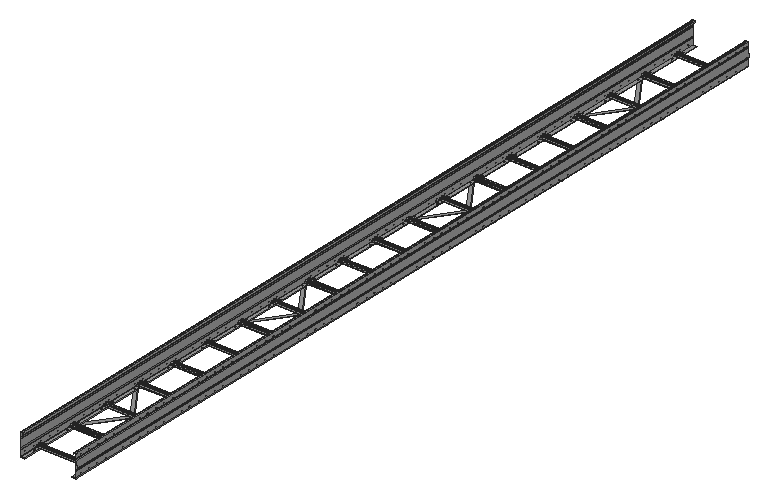
Revit family "WKLG1640", category Generic Models, Revit 2017 (continued)
Forms (mm)
  Extrusion 168, void
    sketch origin (0, 375, 0) x (0, 1, 0) y (0, 0, 1)
      loop
        arc (25, 136.031) -> (25.146, 135.677) -> (25.5, 135.531) r 0.5
        line (25.5, 135.531) -> (49.5, 135.531)
        arc (49.5, 135.531) -> (49.854, 135.677) -> (50, 136.031) r 0.5
        line (50, 136.031) -> (50, 144.031)
        arc (50, 144.031) -> (49.854, 144.385) -> (49.5, 144.531) r 0.5
    from -199.684 to -197.685
  Extrusion 169, void
    sketch origin (0, 450, 0) x (0, 1, 0) y (0, 0, 1)
      loop
        line (49.5, 144.531) -> (25.5, 144.531)
        arc (25.5, 144.531) -> (25.146, 144.385) -> (25, 144.031) r 0.5
        line (25, 144.031) -> (25, 136.031)
        arc (25, 136.031) -> (25.146, 135.677) -> (25.5, 135.531) r 0.5
        line (25.5, 135.531) -> (49.5, 135.531)
        arc (49.5, 135.531) -> (49.854, 135.677) -> (50, 136.031) r 0.5
        line (50, 136.031) -> (50, 144.031)
        arc (50, 144.031) -> (49.854, 144.385) -> (49.5, 144.531) r 0.5
    from -199.684 to -197.685
  Extrusion 170, void
    sketch origin (0, 525, 0) x (0, 1, 0) y (0, 0, 1)
      loop
        line (49.5, 144.531) -> (25.5, 144.531)
        arc (25.5, 144.531) -> (25.146, 144.385) -> (25, 144.031) r 0.5
        line (25, 144.031) -> (25, 136.031)
        arc (25, 136.031) -> (25.146, 135.677) -> (25.5, 135.531) r 0.5
        line (25.5, 135.531) -> (49.5, 135.531)
        arc (49.5, 135.531) -> (49.854, 135.677) -> (50, 136.031) r 0.5
        line (50, 136.031) -> (50, 144.031)
        arc (50, 144.031) -> (49.854, 144.385) -> (49.5, 144.531) r 0.5
    from -199.684 to -197.685
  Extrusion 171, void
    sketch origin (0, 600, 0) x (0, 1, 0) y (0, 0, 1)
      loop
        line (49.5, 144.531) -> (25.5, 144.531)
        arc (25.5, 144.531) -> (25.146, 144.385) -> (25, 144.031) r 0.5
        line (25, 144.031) -> (25, 136.031)
        arc (25, 136.031) -> (25.146, 135.677) -> (25.5, 135.531) r 0.5
        line (25.5, 135.531) -> (49.5, 135.531)
        arc (49.5, 135.531) -> (49.854, 135.677) -> (50, 136.031) r 0.5
        line (50, 136.031) -> (50, 144.031)
        arc (50, 144.031) -> (49.854, 144.385) -> (49.5, 144.531) r 0.5
    from -199.684 to -197.685
  Extrusion 172, void
    sketch origin (0, 675, 0) x (0, 1, 0) y (0, 0, 1)
      loop
        line (49.5, 144.531) -> (25.5, 144.531)
        arc (25.5, 144.531) -> (25.146, 144.385) -> (25, 144.031) r 0.5
        line (25, 144.031) -> (25, 136.031)
        arc (25, 136.031) -> (25.146, 135.677) -> (25.5, 135.531) r 0.5
        line (25.5, 135.531) -> (49.5, 135.531)
        arc (49.5, 135.531) -> (49.854, 135.677) -> (50, 136.031) r 0.5
        line (50, 136.031) -> (50, 144.031)
        arc (50, 144.031) -> (49.854, 144.385) -> (49.5, 144.531) r 0.5
    from -199.684 to -197.685
  Extrusion 173, void
    sketch origin (0, 750, 0) x (0, 1, 0) y (0, 0, 1)
      loop
        line (49.5, 144.531) -> (25.5, 144.531)
        arc (25.5, 144.531) -> (25.146, 144.385) -> (25, 144.031) r 0.5
        line (25, 144.031) -> (25, 136.031)
        arc (25, 136.031) -> (25.146, 135.677) -> (25.5, 135.531) r 0.5
        line (25.5, 135.531) -> (49.5, 135.531)
        arc (49.5, 135.531) -> (49.854, 135.677) -> (50, 136.031) r 0.5
        line (50, 136.031) -> (50, 144.031)
        arc (50, 144.031) -> (49.854, 144.385) -> (49.5, 144.531) r 0.5
    from -199.684 to -197.685
  Extrusion 174, void
    sketch origin (0, 825, 0) x (0, 1, 0) y (0, 0, 1)
      loop
        line (49.5, 144.531) -> (25.5, 144.531)
        arc (25.5, 144.531) -> (25.146, 144.385) -> (25, 144.031) r 0.5
        line (25, 144.031) -> (25, 136.031)
        arc (25, 136.031) -> (25.146, 135.677) -> (25.5, 135.531) r 0.5
        line (25.5, 135.531) -> (49.5, 135.531)
        arc (49.5, 135.531) -> (49.854, 135.677) -> (50, 136.031) r 0.5
        line (50, 136.031) -> (50, 144.031)
        arc (50, 144.031) -> (49.854, 144.385) -> (49.5, 144.531) r 0.5
    from -199.684 to -197.685
  Extrusion 175, void
    sketch origin (0, 900, 0) x (0, 1, 0) y (0, 0, 1)
      loop
        line (49.5, 144.531) -> (25.5, 144.531)
        arc (25.5, 144.531) -> (25.146, 144.385) -> (25, 144.031) r 0.5
        line (25, 144.031) -> (25, 136.031)
        arc (25, 136.031) -> (25.146, 135.677) -> (25.5, 135.531) r 0.5
        line (25.5, 135.531) -> (49.5, 135.531)
        arc (49.5, 135.531) -> (49.854, 135.677) -> (50, 136.031) r 0.5
        line (50, 136.031) -> (50, 144.031)
        arc (50, 144.031) -> (49.854, 144.385) -> (49.5, 144.531) r 0.5
    from -199.684 to -197.685
  Extrusion 176, void
    sketch origin (0, 975, 0) x (0, 1, 0) y (0, 0, 1)
      loop
        line (49.5, 144.531) -> (25.5, 144.531)
        arc (25.5, 144.531) -> (25.146, 144.385) -> (25, 144.031) r 0.5
        line (25, 144.031) -> (25, 136.031)
        arc (25, 136.031) -> (25.146, 135.677) -> (25.5, 135.531) r 0.5
        line (25.5, 135.531) -> (49.5, 135.531)
        arc (49.5, 135.531) -> (49.854, 135.677) -> (50, 136.031) r 0.5
        line (50, 136.031) -> (50, 144.031)
        arc (50, 144.031) -> (49.854, 144.385) -> (49.5, 144.531) r 0.5
    from -199.684 to -197.685
  Extrusion 177, void
    sketch origin (0, 1050, 0) x (0, 1, 0) y (0, 0, 1)
      loop
        line (49.5, 144.531) -> (25.5, 144.531)
        arc (25.5, 144.531) -> (25.146, 144.385) -> (25, 144.031) r 0.5
        line (25, 144.031) -> (25, 136.031)
        arc (25, 136.031) -> (25.146, 135.677) -> (25.5, 135.531) r 0.5
        line (25.5, 135.531) -> (49.5, 135.531)
        arc (49.5, 135.531) -> (49.854, 135.677) -> (50, 136.031) r 0.5
        line (50, 136.031) -> (50, 144.031)
        arc (50, 144.031) -> (49.854, 144.385) -> (49.5, 144.531) r 0.5
    from -199.684 to -197.685
  Extrusion 178, void
    sketch origin (0, 1125, 0) x (0, 1, 0) y (0, 0, 1)
      loop
        line (49.5, 144.531) -> (25.5, 144.531)
        arc (25.5, 144.531) -> (25.146, 144.385) -> (25, 144.031) r 0.5
        line (25, 144.031) -> (25, 136.031)
        arc (25, 136.031) -> (25.146, 135.677) -> (25.5, 135.531) r 0.5
        line (25.5, 135.531) -> (49.5, 135.531)
        arc (49.5, 135.531) -> (49.854, 135.677) -> (50, 136.031) r 0.5
        line (50, 136.031) -> (50, 144.031)
        arc (50, 144.031) -> (49.854, 144.385) -> (49.5, 144.531) r 0.5
    from -199.684 to -197.685
  Extrusion 179, void
    sketch origin (0, 1200, 0) x (0, 1, 0) y (0, 0, 1)
      loop
        line (49.5, 144.531) -> (25.5, 144.531)
        arc (25.5, 144.531) -> (25.146, 144.385) -> (25, 144.031) r 0.5
        line (25, 144.031) -> (25, 136.031)
        arc (25, 136.031) -> (25.146, 135.677) -> (25.5, 135.531) r 0.5
        line (25.5, 135.531) -> (49.5, 135.531)
        arc (49.5, 135.531) -> (49.854, 135.677) -> (50, 136.031) r 0.5
        line (50, 136.031) -> (50, 144.031)
        arc (50, 144.031) -> (49.854, 144.385) -> (49.5, 144.531) r 0.5
    from -199.684 to -197.685
  Extrusion 180, void
    sketch origin (0, 1275, 0) x (0, 1, 0) y (0, 0, 1)
      loop
        line (49.5, 144.531) -> (25.5, 144.531)
        arc (25.5, 144.531) -> (25.146, 144.385) -> (25, 144.031) r 0.5
        line (25, 144.031) -> (25, 136.031)
        arc (25, 136.031) -> (25.146, 135.677) -> (25.5, 135.531) r 0.5
        line (25.5, 135.531) -> (49.5, 135.531)
        arc (49.5, 135.531) -> (49.854, 135.677) -> (50, 136.031) r 0.5
        line (50, 136.031) -> (50, 144.031)
        arc (50, 144.031) -> (49.854, 144.385) -> (49.5, 144.531) r 0.5
    from -199.684 to -197.685
  Extrusion 181, void
    sketch origin (0, 1350, 0) x (0, 1, 0) y (0, 0, 1)
      loop
        line (49.5, 144.531) -> (25.5, 144.531)
        arc (25.5, 144.531) -> (25.146, 144.385) -> (25, 144.031) r 0.5
        line (25, 144.031) -> (25, 136.031)
        arc (25, 136.031) -> (25.146, 135.677) -> (25.5, 135.531) r 0.5
        line (25.5, 135.531) -> (49.5, 135.531)
        arc (49.5, 135.531) -> (49.854, 135.677) -> (50, 136.031) r 0.5
        line (50, 136.031) -> (50, 144.031)
        arc (50, 144.031) -> (49.854, 144.385) -> (49.5, 144.531) r 0.5
    from -199.684 to -197.685
  Extrusion 182, void
    sketch origin (0, 1425, 0) x (0, 1, 0) y (0, 0, 1)
      loop
        line (49.5, 144.531) -> (25.5, 144.531)
        arc (25.5, 144.531) -> (25.146, 144.385) -> (25, 144.031) r 0.5
        line (25, 144.031) -> (25, 136.031)
        arc (25, 136.031) -> (25.146, 135.677) -> (25.5, 135.531) r 0.5
        line (25.5, 135.531) -> (49.5, 135.531)
        arc (49.5, 135.531) -> (49.854, 135.677) -> (50, 136.031) r 0.5
        line (50, 136.031) -> (50, 144.031)
        arc (50, 144.031) -> (49.854, 144.385) -> (49.5, 144.531) r 0.5
    from -199.684 to -197.685
  Extrusion 183, void
    sketch origin (0, 1500, 0) x (0, 1, 0) y (0, 0, 1)
      loop
        line (49.5, 144.531) -> (25.5, 144.531)
        arc (25.5, 144.531) -> (25.146, 144.385) -> (25, 144.031) r 0.5
        line (25, 144.031) -> (25, 136.031)
        arc (25, 136.031) -> (25.146, 135.677) -> (25.5, 135.531) r 0.5
        line (25.5, 135.531) -> (49.5, 135.531)
        arc (49.5, 135.531) -> (49.854, 135.677) -> (50, 136.031) r 0.5
        line (50, 136.031) -> (50, 144.031)
        arc (50, 144.031) -> (49.854, 144.385) -> (49.5, 144.531) r 0.5
    from -199.684 to -197.685
  Extrusion 184, void
    sketch origin (0, 1575, 0) x (0, 1, 0) y (0, 0, 1)
      loop
        line (49.5, 144.531) -> (25.5, 144.531)
        arc (25.5, 144.531) -> (25.146, 144.385) -> (25, 144.031) r 0.5
        line (25, 144.031) -> (25, 136.031)
        arc (25, 136.031) -> (25.146, 135.677) -> (25.5, 135.531) r 0.5
        line (25.5, 135.531) -> (49.5, 135.531)
        arc (49.5, 135.531) -> (49.854, 135.677) -> (50, 136.031) r 0.5
        line (50, 136.031) -> (50, 144.031)
        arc (50, 144.031) -> (49.854, 144.385) -> (49.5, 144.531) r 0.5
    from -199.684 to -197.685
  Extrusion 185, void
    sketch origin (0, 1650, 0) x (0, 1, 0) y (0, 0, 1)
      loop
        line (49.5, 144.531) -> (25.5, 144.531)
        arc (25.5, 144.531) -> (25.146, 144.385) -> (25, 144.031) r 0.5
        line (25, 144.031) -> (25, 136.031)
        arc (25, 136.031) -> (25.146, 135.677) -> (25.5, 135.531) r 0.5
        line (25.5, 135.531) -> (49.5, 135.531)
        arc (49.5, 135.531) -> (49.854, 135.677) -> (50, 136.031) r 0.5
        line (50, 136.031) -> (50, 144.031)
        arc (50, 144.031) -> (49.854, 144.385) -> (49.5, 144.531) r 0.5
    from -199.684 to -197.685
  Extrusion 186, void
    sketch origin (0, 1725, 0) x (0, 1, 0) y (0, 0, 1)
      loop
        line (49.5, 144.531) -> (25.5, 144.531)
        arc (25.5, 144.531) -> (25.146, 144.385) -> (25, 144.031) r 0.5
        line (25, 144.031) -> (25, 136.031)
        arc (25, 136.031) -> (25.146, 135.677) -> (25.5, 135.531) r 0.5
        line (25.5, 135.531) -> (49.5, 135.531)
        arc (49.5, 135.531) -> (49.854, 135.677) -> (50, 136.031) r 0.5
        line (50, 136.031) -> (50, 144.031)
        arc (50, 144.031) -> (49.854, 144.385) -> (49.5, 144.531) r 0.5
    from -199.684 to -197.685
  Extrusion 187, void
    sketch origin (0, 1800, 0) x (0, 1, 0) y (0, 0, 1)
      loop
        line (49.5, 144.531) -> (25.5, 144.531)
        arc (25.5, 144.531) -> (25.146, 144.385) -> (25, 144.031) r 0.5
        line (25, 144.031) -> (25, 136.031)
        arc (25, 136.031) -> (25.146, 135.677) -> (25.5, 135.531) r 0.5
        line (25.5, 135.531) -> (49.5, 135.531)
        arc (49.5, 135.531) -> (49.854, 135.677) -> (50, 136.031) r 0.5
        line (50, 136.031) -> (50, 144.031)
        arc (50, 144.031) -> (49.854, 144.385) -> (49.5, 144.531) r 0.5
    from -199.684 to -197.685
  Extrusion 188, void
    sketch origin (0, 1875, 0) x (0, 1, 0) y (0, 0, 1)
      loop
        line (49.5, 144.531) -> (25.5, 144.531)
        arc (25.5, 144.531) -> (25.146, 144.385) -> (25, 144.031) r 0.5
        line (25, 144.031) -> (25, 136.031)
        arc (25, 136.031) -> (25.146, 135.677) -> (25.5, 135.531) r 0.5
        line (25.5, 135.531) -> (49.5, 135.531)
        arc (49.5, 135.531) -> (49.854, 135.677) -> (50, 136.031) r 0.5
        line (50, 136.031) -> (50, 144.031)
        arc (50, 144.031) -> (49.854, 144.385) -> (49.5, 144.531) r 0.5
    from -199.684 to -197.685
  Extrusion 189, void
    sketch origin (0, 1950, 0) x (0, 1, 0) y (0, 0, 1)
      loop
        line (49.5, 144.531) -> (25.5, 144.531)
        arc (25.5, 144.531) -> (25.146, 144.385) -> (25, 144.031) r 0.5
        line (25, 144.031) -> (25, 136.031)
        arc (25, 136.031) -> (25.146, 135.677) -> (25.5, 135.531) r 0.5
        line (25.5, 135.531) -> (49.5, 135.531)
        arc (49.5, 135.531) -> (49.854, 135.677) -> (50, 136.031) r 0.5
        line (50, 136.031) -> (50, 144.031)
        arc (50, 144.031) -> (49.854, 144.385) -> (49.5, 144.531) r 0.5
    from -199.684 to -197.685
  Extrusion 190, void
    sketch origin (0, 2025, 0) x (0, 1, 0) y (0, 0, 1)
      loop
        line (49.5, 144.531) -> (25.5, 144.531)
        arc (25.5, 144.531) -> (25.146, 144.385) -> (25, 144.031) r 0.5
        line (25, 144.031) -> (25, 136.031)
        arc (25, 136.031) -> (25.146, 135.677) -> (25.5, 135.531) r 0.5
        line (25.5, 135.531) -> (49.5, 135.531)
        arc (49.5, 135.531) -> (49.854, 135.677) -> (50, 136.031) r 0.5
        line (50, 136.031) -> (50, 144.031)
        arc (50, 144.031) -> (49.854, 144.385) -> (49.5, 144.531) r 0.5
    from -199.684 to -197.685
  Extrusion 191, void
    sketch origin (0, 2100, 0) x (0, 1, 0) y (0, 0, 1)
      loop
        line (49.5, 144.531) -> (25.5, 144.531)
        arc (25.5, 144.531) -> (25.146, 144.385) -> (25, 144.031) r 0.5
        line (25, 144.031) -> (25, 136.031)
        arc (25, 136.031) -> (25.146, 135.677) -> (25.5, 135.531) r 0.5
        line (25.5, 135.531) -> (49.5, 135.531)
        arc (49.5, 135.531) -> (49.854, 135.677) -> (50, 136.031) r 0.5
        line (50, 136.031) -> (50, 144.031)
        arc (50, 144.031) -> (49.854, 144.385) -> (49.5, 144.531) r 0.5
    from -199.684 to -197.685
  Extrusion 192, void
    sketch origin (0, 2175, 0) x (0, 1, 0) y (0, 0, 1)
      loop
        line (49.5, 144.531) -> (25.5, 144.531)
        arc (25.5, 144.531) -> (25.146, 144.385) -> (25, 144.031) r 0.5
        line (25, 144.031) -> (25, 136.031)
        arc (25, 136.031) -> (25.146, 135.677) -> (25.5, 135.531) r 0.5
        line (25.5, 135.531) -> (49.5, 135.531)
        arc (49.5, 135.531) -> (49.854, 135.677) -> (50, 136.031) r 0.5
        line (50, 136.031) -> (50, 144.031)
        arc (50, 144.031) -> (49.854, 144.385) -> (49.5, 144.531) r 0.5
    from -199.684 to -197.685
  Extrusion 193, void
    sketch origin (0, 2250, 0) x (0, 1, 0) y (0, 0, 1)
      loop
        line (49.5, 144.531) -> (25.5, 144.531)
        arc (25.5, 144.531) -> (25.146, 144.385) -> (25, 144.031) r 0.5
        line (25, 144.031) -> (25, 136.031)
        arc (25, 136.031) -> (25.146, 135.677) -> (25.5, 135.531) r 0.5
        line (25.5, 135.531) -> (49.5, 135.531)
        arc (49.5, 135.531) -> (49.854, 135.677) -> (50, 136.031) r 0.5
        line (50, 136.031) -> (50, 144.031)
        arc (50, 144.031) -> (49.854, 144.385) -> (49.5, 144.531) r 0.5
    from -199.684 to -197.685
  Extrusion 194, void
    sketch origin (0, 2325, 0) x (0, 1, 0) y (0, 0, 1)
      loop
        line (49.5, 144.531) -> (25.5, 144.531)
        arc (25.5, 144.531) -> (25.146, 144.385) -> (25, 144.031) r 0.5
        line (25, 144.031) -> (25, 136.031)
        arc (25, 136.031) -> (25.146, 135.677) -> (25.5, 135.531) r 0.5
        line (25.5, 135.531) -> (49.5, 135.531)
        arc (49.5, 135.531) -> (49.854, 135.677) -> (50, 136.031) r 0.5
        line (50, 136.031) -> (50, 144.031)
        arc (50, 144.031) -> (49.854, 144.385) -> (49.5, 144.531) r 0.5
    from -199.684 to -197.685
  Extrusion 195, void
    sketch origin (0, 2400, 0) x (0, 1, 0) y (0, 0, 1)
      loop
        line (49.5, 144.531) -> (25.5, 144.531)
        arc (25.5, 144.531) -> (25.146, 144.385) -> (25, 144.031) r 0.5
        line (25, 144.031) -> (25, 136.031)
        arc (25, 136.031) -> (25.146, 135.677) -> (25.5, 135.531) r 0.5
        line (25.5, 135.531) -> (49.5, 135.531)
        arc (49.5, 135.531) -> (49.854, 135.677) -> (50, 136.031) r 0.5
        line (50, 136.031) -> (50, 144.031)
        arc (50, 144.031) -> (49.854, 144.385) -> (49.5, 144.531) r 0.5
    from -199.684 to -197.685
  Extrusion 196, void
    sketch origin (0, 2475, 0) x (0, 1, 0) y (0, 0, 1)
      loop
        line (49.5, 144.531) -> (25.5, 144.531)
        arc (25.5, 144.531) -> (25.146, 144.385) -> (25, 144.031) r 0.5
        line (25, 144.031) -> (25, 136.031)
        arc (25, 136.031) -> (25.146, 135.677) -> (25.5, 135.531) r 0.5
        line (25.5, 135.531) -> (49.5, 135.531)
        arc (49.5, 135.531) -> (49.854, 135.677) -> (50, 136.031) r 0.5
        line (50, 136.031) -> (50, 144.031)
        arc (50, 144.031) -> (49.854, 144.385) -> (49.5, 144.531) r 0.5
    from -199.684 to -197.685
  Extrusion 197, void
    sketch origin (0, 2550, 0) x (0, 1, 0) y (0, 0, 1)
      loop
        line (49.5, 144.531) -> (25.5, 144.531)
        arc (25.5, 144.531) -> (25.146, 144.385) -> (25, 144.031) r 0.5
        line (25, 144.031) -> (25, 136.031)
        arc (25, 136.031) -> (25.146, 135.677) -> (25.5, 135.531) r 0.5
        line (25.5, 135.531) -> (49.5, 135.531)
        arc (49.5, 135.531) -> (49.854, 135.677) -> (50, 136.031) r 0.5
        line (50, 136.031) -> (50, 144.031)
        arc (50, 144.031) -> (49.854, 144.385) -> (49.5, 144.531) r 0.5
    from -199.684 to -197.685
  Extrusion 198, void
    sketch origin (0, 2625, 0) x (0, 1, 0) y (0, 0, 1)
      loop
        line (49.5, 144.531) -> (25.5, 144.531)
        arc (25.5, 144.531) -> (25.146, 144.385) -> (25, 144.031) r 0.5
        line (25, 144.031) -> (25, 136.031)
        arc (25, 136.031) -> (25.146, 135.677) -> (25.5, 135.531) r 0.5
        line (25.5, 135.531) -> (49.5, 135.531)
        arc (49.5, 135.531) -> (49.854, 135.677) -> (50, 136.031) r 0.5
        line (50, 136.031) -> (50, 144.031)
        arc (50, 144.031) -> (49.854, 144.385) -> (49.5, 144.531) r 0.5
    from -199.684 to -197.685
  Extrusion 199, void
    sketch origin (0, 2700, 0) x (0, 1, 0) y (0, 0, 1)
      loop
        line (49.5, 144.531) -> (25.5, 144.531)
        arc (25.5, 144.531) -> (25.146, 144.385) -> (25, 144.031) r 0.5
        line (25, 144.031) -> (25, 136.031)
        arc (25, 136.031) -> (25.146, 135.677) -> (25.5, 135.531) r 0.5
        line (25.5, 135.531) -> (49.5, 135.531)
        arc (49.5, 135.531) -> (49.854, 135.677) -> (50, 136.031) r 0.5
        line (50, 136.031) -> (50, 144.031)
        arc (50, 144.031) -> (49.854, 144.385) -> (49.5, 144.531) r 0.5
    from -199.684 to -197.685
  Extrusion 200, void
    sketch origin (0, 2775, 0) x (0, 1, 0) y (0, 0, 1)
      loop
        line (49.5, 144.531) -> (25.5, 144.531)
        arc (25.5, 144.531) -> (25.146, 144.385) -> (25, 144.031) r 0.5
        line (25, 144.031) -> (25, 136.031)
        arc (25, 136.031) -> (25.146, 135.677) -> (25.5, 135.531) r 0.5
        line (25.5, 135.531) -> (49.5, 135.531)
        arc (49.5, 135.531) -> (49.854, 135.677) -> (50, 136.031) r 0.5
        line (50, 136.031) -> (50, 144.031)
        arc (50, 144.031) -> (49.854, 144.385) -> (49.5, 144.531) r 0.5
    from -199.684 to -197.685
  Extrusion 201, void
    sketch origin (0, 2850, 0) x (0, 1, 0) y (0, 0, 1)
      loop
        line (49.5, 144.531) -> (25.5, 144.531)
        arc (25.5, 144.531) -> (25.146, 144.385) -> (25, 144.031) r 0.5
        line (25, 144.031) -> (25, 136.031)
        arc (25, 136.031) -> (25.146, 135.677) -> (25.5, 135.531) r 0.5
        line (25.5, 135.531) -> (49.5, 135.531)
        arc (49.5, 135.531) -> (49.854, 135.677) -> (50, 136.031) r 0.5
        line (50, 136.031) -> (50, 144.031)
        arc (50, 144.031) -> (49.854, 144.385) -> (49.5, 144.531) r 0.5
    from -199.684 to -197.685
  Extrusion 202, void
    sketch origin (0, 2925, 0) x (0, 1, 0) y (0, 0, 1)
      loop
        line (49.5, 144.531) -> (25.5, 144.531)
        arc (25.5, 144.531) -> (25.146, 144.385) -> (25, 144.031) r 0.5
        line (25, 144.031) -> (25, 136.031)
        arc (25, 136.031) -> (25.146, 135.677) -> (25.5, 135.531) r 0.5
        line (25.5, 135.531) -> (49.5, 135.531)
        arc (49.5, 135.531) -> (49.854, 135.677) -> (50, 136.031) r 0.5
        line (50, 136.031) -> (50, 144.031)
        arc (50, 144.031) -> (49.854, 144.385) -> (49.5, 144.531) r 0.5
    from -199.684 to -197.685
  Extrusion 203, void
    sketch origin (0, 3000, 0) x (0, 1, 0) y (0, 0, 1)
      loop
        line (49.5, 144.531) -> (25.5, 144.531)
        arc (25.5, 144.531) -> (25.146, 144.385) -> (25, 144.031) r 0.5
        line (25, 144.031) -> (25, 136.031)
        arc (25, 136.031) -> (25.146, 135.677) -> (25.5, 135.531) r 0.5
        line (25.5, 135.531) -> (49.5, 135.531)
        arc (49.5, 135.531) -> (49.854, 135.677) -> (50, 136.031) r 0.5
        line (50, 136.031) -> (50, 144.031)
        arc (50, 144.031) -> (49.854, 144.385) -> (49.5, 144.531) r 0.5
    from -199.684 to -197.685
  Extrusion 204, void
    sketch origin (0, 3075, 0) x (0, 1, 0) y (0, 0, 1)
      loop
        line (49.5, 144.531) -> (25.5, 144.531)
        arc (25.5, 144.531) -> (25.146, 144.385) -> (25, 144.031) r 0.5
        line (25, 144.031) -> (25, 136.031)
        arc (25, 136.031) -> (25.146, 135.677) -> (25.5, 135.531) r 0.5
        line (25.5, 135.531) -> (49.5, 135.531)
        arc (49.5, 135.531) -> (49.854, 135.677) -> (50, 136.031) r 0.5
        line (50, 136.031) -> (50, 144.031)
        arc (50, 144.031) -> (49.854, 144.385) -> (49.5, 144.531) r 0.5
    from -199.684 to -197.685
  Extrusion 205, void
    sketch origin (0, 3150, 0) x (0, 1, 0) y (0, 0, 1)
      loop
        line (49.5, 144.531) -> (25.5, 144.531)
        arc (25.5, 144.531) -> (25.146, 144.385) -> (25, 144.031) r 0.5
        line (25, 144.031) -> (25, 136.031)
        arc (25, 136.031) -> (25.146, 135.677) -> (25.5, 135.531) r 0.5
        line (25.5, 135.531) -> (49.5, 135.531)
        arc (49.5, 135.531) -> (49.854, 135.677) -> (50, 136.031) r 0.5
        line (50, 136.031) -> (50, 144.031)
        arc (50, 144.031) -> (49.854, 144.385) -> (49.5, 144.531) r 0.5
    from -199.684 to -197.685
  Extrusion 206, void
    sketch origin (0, 3225, 0) x (0, 1, 0) y (0, 0, 1)
      loop
        line (49.5, 144.531) -> (25.5, 144.531)
        arc (25.5, 144.531) -> (25.146, 144.385) -> (25, 144.031) r 0.5
        line (25, 144.031) -> (25, 136.031)
        arc (25, 136.031) -> (25.146, 135.677) -> (25.5, 135.531) r 0.5
        line (25.5, 135.531) -> (49.5, 135.531)
        arc (49.5, 135.531) -> (49.854, 135.677) -> (50, 136.031) r 0.5
        line (50, 136.031) -> (50, 144.031)
        arc (50, 144.031) -> (49.854, 144.385) -> (49.5, 144.531) r 0.5
    from -199.684 to -197.685
  Extrusion 207, void
    sketch origin (0, 3300, 0) x (0, 1, 0) y (0, 0, 1)
      loop
        line (49.5, 144.531) -> (25.5, 144.531)
        arc (25.5, 144.531) -> (25.146, 144.385) -> (25, 144.031) r 0.5
        line (25, 144.031) -> (25, 136.031)
        arc (25, 136.031) -> (25.146, 135.677) -> (25.5, 135.531) r 0.5
        line (25.5, 135.531) -> (49.5, 135.531)
        arc (49.5, 135.531) -> (49.854, 135.677) -> (50, 136.031) r 0.5
        line (50, 136.031) -> (50, 144.031)
        arc (50, 144.031) -> (49.854, 144.385) -> (49.5, 144.531) r 0.5
    from -199.684 to -197.685
  Extrusion 208, void
    sketch origin (0, 3375, 0) x (0, 1, 0) y (0, 0, 1)
      loop
        line (49.5, 144.531) -> (25.5, 144.531)
        arc (25.5, 144.531) -> (25.146, 144.385) -> (25, 144.031) r 0.5
        line (25, 144.031) -> (25, 136.031)
        arc (25, 136.031) -> (25.146, 135.677) -> (25.5, 135.531) r 0.5
        line (25.5, 135.531) -> (49.5, 135.531)
        arc (49.5, 135.531) -> (49.854, 135.677) -> (50, 136.031) r 0.5
        line (50, 136.031) -> (50, 144.031)
        arc (50, 144.031) -> (49.854, 144.385) -> (49.5, 144.531) r 0.5
    from -199.684 to -197.685
  Extrusion 209, void
    sketch origin (0, 3450, 0) x (0, 1, 0) y (0, 0, 1)
      loop
        line (49.5, 144.531) -> (25.5, 144.531)
        arc (25.5, 144.531) -> (25.146, 144.385) -> (25, 144.031) r 0.5
        line (25, 144.031) -> (25, 136.031)
        arc (25, 136.031) -> (25.146, 135.677) -> (25.5, 135.531) r 0.5
        line (25.5, 135.531) -> (49.5, 135.531)
        arc (49.5, 135.531) -> (49.854, 135.677) -> (50, 136.031) r 0.5
        line (50, 136.031) -> (50, 144.031)
        arc (50, 144.031) -> (49.854, 144.385) -> (49.5, 144.531) r 0.5
    from -199.684 to -197.685
  Extrusion 210, void
    sketch origin (0, 3525, 0) x (0, 1, 0) y (0, 0, 1)
      loop
        line (49.5, 144.531) -> (25.5, 144.531)
        arc (25.5, 144.531) -> (25.146, 144.385) -> (25, 144.031) r 0.5
        line (25, 144.031) -> (25, 136.031)
        arc (25, 136.031) -> (25.146, 135.677) -> (25.5, 135.531) r 0.5
        line (25.5, 135.531) -> (49.5, 135.531)
        arc (49.5, 135.531) -> (49.854, 135.677) -> (50, 136.031) r 0.5
        line (50, 136.031) -> (50, 144.031)
        arc (50, 144.031) -> (49.854, 144.385) -> (49.5, 144.531) r 0.5
    from -199.684 to -197.685
  Extrusion 211, void
    sketch origin (0, 3600, 0) x (0, 1, 0) y (0, 0, 1)
      loop
        line (49.5, 144.531) -> (25.5, 144.531)
        arc (25.5, 144.531) -> (25.146, 144.385) -> (25, 144.031) r 0.5
        line (25, 144.031) -> (25, 136.031)
        arc (25, 136.031) -> (25.146, 135.677) -> (25.5, 135.531) r 0.5
        line (25.5, 135.531) -> (49.5, 135.531)
        arc (49.5, 135.531) -> (49.854, 135.677) -> (50, 136.031) r 0.5
        line (50, 136.031) -> (50, 144.031)
        arc (50, 144.031) -> (49.854, 144.385) -> (49.5, 144.531) r 0.5
    from -199.684 to -197.685
  Extrusion 212, void
    sketch origin (0, 3675, 0) x (0, 1, 0) y (0, 0, 1)
      loop
        line (49.5, 144.531) -> (25.5, 144.531)
        arc (25.5, 144.531) -> (25.146, 144.385) -> (25, 144.031) r 0.5
        line (25, 144.031) -> (25, 136.031)
        arc (25, 136.031) -> (25.146, 135.677) -> (25.5, 135.531) r 0.5
        line (25.5, 135.531) -> (49.5, 135.531)
        arc (49.5, 135.531) -> (49.854, 135.677) -> (50, 136.031) r 0.5
        line (50, 136.031) -> (50, 144.031)
        arc (50, 144.031) -> (49.854, 144.385) -> (49.5, 144.531) r 0.5
    from -199.684 to -197.685
  Extrusion 213, void
    sketch origin (0, 3750, 0) x (0, 1, 0) y (0, 0, 1)
      loop
        line (49.5, 144.531) -> (25.5, 144.531)
        arc (25.5, 144.531) -> (25.146, 144.385) -> (25, 144.031) r 0.5
        line (25, 144.031) -> (25, 136.031)
        arc (25, 136.031) -> (25.146, 135.677) -> (25.5, 135.531) r 0.5
        line (25.5, 135.531) -> (49.5, 135.531)
        arc (49.5, 135.531) -> (49.854, 135.677) -> (50, 136.031) r 0.5
        line (50, 136.031) -> (50, 144.031)
        arc (50, 144.031) -> (49.854, 144.385) -> (49.5, 144.531) r 0.5
    from -199.684 to -197.685
  Extrusion 214, void
    sketch origin (0, 3825, 0) x (0, 1, 0) y (0, 0, 1)
      loop
        line (49.5, 144.531) -> (25.5, 144.531)
        arc (25.5, 144.531) -> (25.146, 144.385) -> (25, 144.031) r 0.5
        line (25, 144.031) -> (25, 136.031)
        arc (25, 136.031) -> (25.146, 135.677) -> (25.5, 135.531) r 0.5
        line (25.5, 135.531) -> (49.5, 135.531)
        arc (49.5, 135.531) -> (49.854, 135.677) -> (50, 136.031) r 0.5
        line (50, 136.031) -> (50, 144.031)
        arc (50, 144.031) -> (49.854, 144.385) -> (49.5, 144.531) r 0.5
    from -199.684 to -197.685
  Extrusion 215, void
    sketch origin (0, 3900, 0) x (0, 1, 0) y (0, 0, 1)
      loop
        line (49.5, 144.531) -> (25.5, 144.531)
        arc (25.5, 144.531) -> (25.146, 144.385) -> (25, 144.031) r 0.5
        line (25, 144.031) -> (25, 136.031)
        arc (25, 136.031) -> (25.146, 135.677) -> (25.5, 135.531) r 0.5
        line (25.5, 135.531) -> (49.5, 135.531)
        arc (49.5, 135.531) -> (49.854, 135.677) -> (50, 136.031) r 0.5
        line (50, 136.031) -> (50, 144.031)
        arc (50, 144.031) -> (49.854, 144.385) -> (49.5, 144.531) r 0.5
    from -199.684 to -197.685
  Extrusion 216, void
    sketch origin (0, 3975, 0) x (0, 1, 0) y (0, 0, 1)
      loop
        line (49.5, 144.531) -> (25.5, 144.531)
        arc (25.5, 144.531) -> (25.146, 144.385) -> (25, 144.031) r 0.5
        line (25, 144.031) -> (25, 136.031)
        arc (25, 136.031) -> (25.146, 135.677) -> (25.5, 135.531) r 0.5
        line (25.5, 135.531) -> (49.5, 135.531)
        arc (49.5, 135.531) -> (49.854, 135.677) -> (50, 136.031) r 0.5
        line (50, 136.031) -> (50, 144.031)
        arc (50, 144.031) -> (49.854, 144.385) -> (49.5, 144.531) r 0.5
    from -199.684 to -197.685
  Extrusion 217, void
    sketch origin (0, 4050, 0) x (0, 1, 0) y (0, 0, 1)
      loop
        line (49.5, 144.531) -> (25.5, 144.531)
        arc (25.5, 144.531) -> (25.146, 144.385) -> (25, 144.031) r 0.5
        line (25, 144.031) -> (25, 136.031)
        arc (25, 136.031) -> (25.146, 135.677) -> (25.5, 135.531) r 0.5
        line (25.5, 135.531) -> (49.5, 135.531)
        arc (49.5, 135.531) -> (49.854, 135.677) -> (50, 136.031) r 0.5
        line (50, 136.031) -> (50, 144.031)
        arc (50, 144.031) -> (49.854, 144.385) -> (49.5, 144.531) r 0.5
    from -199.684 to -197.685
  Extrusion 218, void
    sketch origin (0, 4125, 0) x (0, 1, 0) y (0, 0, 1)
      loop
        line (49.5, 144.531) -> (25.5, 144.531)
        arc (25.5, 144.531) -> (25.146, 144.385) -> (25, 144.031) r 0.5
        line (25, 144.031) -> (25, 136.031)
        arc (25, 136.031) -> (25.146, 135.677) -> (25.5, 135.531) r 0.5
        line (25.5, 135.531) -> (49.5, 135.531)
        arc (49.5, 135.531) -> (49.854, 135.677) -> (50, 136.031) r 0.5
        line (50, 136.031) -> (50, 144.031)
        arc (50, 144.031) -> (49.854, 144.385) -> (49.5, 144.531) r 0.5
    from -199.684 to -197.685
  Extrusion 219, void
    sketch origin (0, 4200, 0) x (0, 1, 0) y (0, 0, 1)
      loop
        line (49.5, 144.531) -> (25.5, 144.531)
        arc (25.5, 144.531) -> (25.146, 144.385) -> (25, 144.031) r 0.5
        line (25, 144.031) -> (25, 136.031)
        arc (25, 136.031) -> (25.146, 135.677) -> (25.5, 135.531) r 0.5
        line (25.5, 135.531) -> (49.5, 135.531)
        arc (49.5, 135.531) -> (49.854, 135.677) -> (50, 136.031) r 0.5
        line (50, 136.031) -> (50, 144.031)
        arc (50, 144.031) -> (49.854, 144.385) -> (49.5, 144.531) r 0.5
    from -199.684 to -197.685
  Extrusion 220, void
    sketch origin (0, 4275, 0) x (0, 1, 0) y (0, 0, 1)
      loop
        line (49.5, 144.531) -> (25.5, 144.531)
        arc (25.5, 144.531) -> (25.146, 144.385) -> (25, 144.031) r 0.5
        line (25, 144.031) -> (25, 136.031)
        arc (25, 136.031) -> (25.146, 135.677) -> (25.5, 135.531) r 0.5
        line (25.5, 135.531) -> (49.5, 135.531)
        arc (49.5, 135.531) -> (49.854, 135.677) -> (50, 136.031) r 0.5
        line (50, 136.031) -> (50, 144.031)
        arc (50, 144.031) -> (49.854, 144.385) -> (49.5, 144.531) r 0.5
    from -199.684 to -197.685
  Extrusion 221, void
    sketch origin (0, 4350, 0) x (0, 1, 0) y (0, 0, 1)
      loop
        line (49.5, 144.531) -> (25.5, 144.531)
        arc (25.5, 144.531) -> (25.146, 144.385) -> (25, 144.031) r 0.5
        line (25, 144.031) -> (25, 136.031)
        arc (25, 136.031) -> (25.146, 135.677) -> (25.5, 135.531) r 0.5
        line (25.5, 135.531) -> (49.5, 135.531)
        arc (49.5, 135.531) -> (49.854, 135.677) -> (50, 136.031) r 0.5
        line (50, 136.031) -> (50, 144.031)
        arc (50, 144.031) -> (49.854, 144.385) -> (49.5, 144.531) r 0.5
    from -199.684 to -197.685
  Extrusion 222, void
    sketch origin (0, 4425, 0) x (0, 1, 0) y (0, 0, 1)
      loop
        line (49.5, 144.531) -> (25.5, 144.531)
        arc (25.5, 144.531) -> (25.146, 144.385) -> (25, 144.031) r 0.5
        line (25, 144.031) -> (25, 136.031)
        arc (25, 136.031) -> (25.146, 135.677) -> (25.5, 135.531) r 0.5
        line (25.5, 135.531) -> (49.5, 135.531)
        arc (49.5, 135.531) -> (49.854, 135.677) -> (50, 136.031) r 0.5
        line (50, 136.031) -> (50, 144.031)
        arc (50, 144.031) -> (49.854, 144.385) -> (49.5, 144.531) r 0.5
    from -199.684 to -197.685
  Extrusion 223, void
    sketch origin (0, 4500, 0) x (0, 1, 0) y (0, 0, 1)
      loop
        line (49.5, 144.531) -> (25.5, 144.531)
        arc (25.5, 144.531) -> (25.146, 144.385) -> (25, 144.031) r 0.5
        line (25, 144.031) -> (25, 136.031)
        arc (25, 136.031) -> (25.146, 135.677) -> (25.5, 135.531) r 0.5
        line (25.5, 135.531) -> (49.5, 135.531)
        arc (49.5, 135.531) -> (49.854, 135.677) -> (50, 136.031) r 0.5
        line (50, 136.031) -> (50, 144.031)
        arc (50, 144.031) -> (49.854, 144.385) -> (49.5, 144.531) r 0.5
    from -199.684 to -197.685
  Extrusion 224, void
    sketch origin (0, 4575, 0) x (0, 1, 0) y (0, 0, 1)
      loop
        line (49.5, 144.531) -> (25.5, 144.531)
        arc (25.5, 144.531) -> (25.146, 144.385) -> (25, 144.031) r 0.5
        line (25, 144.031) -> (25, 136.031)
        arc (25, 136.031) -> (25.146, 135.677) -> (25.5, 135.531) r 0.5
        line (25.5, 135.531) -> (49.5, 135.531)
        arc (49.5, 135.531) -> (49.854, 135.677) -> (50, 136.031) r 0.5
        line (50, 136.031) -> (50, 144.031)
        arc (50, 144.031) -> (49.854, 144.385) -> (49.5, 144.531) r 0.5
    from -199.684 to -197.685
  Extrusion 225, void
    sketch origin (0, 4650, 0) x (0, 1, 0) y (0, 0, 1)
      loop
        line (49.5, 144.531) -> (25.5, 144.531)
        arc (25.5, 144.531) -> (25.146, 144.385) -> (25, 144.031) r 0.5
        line (25, 144.031) -> (25, 136.031)
        arc (25, 136.031) -> (25.146, 135.677) -> (25.5, 135.531) r 0.5
        line (25.5, 135.531) -> (49.5, 135.531)
        arc (49.5, 135.531) -> (49.854, 135.677) -> (50, 136.031) r 0.5
        line (50, 136.031) -> (50, 144.031)
        arc (50, 144.031) -> (49.854, 144.385) -> (49.5, 144.531) r 0.5
    from -199.684 to -197.685
  Extrusion 226, void
    sketch origin (0, 4725, 0) x (0, 1, 0) y (0, 0, 1)
      loop
        line (49.5, 144.531) -> (25.5, 144.531)
        arc (25.5, 144.531) -> (25.146, 144.385) -> (25, 144.031) r 0.5
        line (25, 144.031) -> (25, 136.031)
        arc (25, 136.031) -> (25.146, 135.677) -> (25.5, 135.531) r 0.5
        line (25.5, 135.531) -> (49.5, 135.531)
        arc (49.5, 135.531) -> (49.854, 135.677) -> (50, 136.031) r 0.5
        line (50, 136.031) -> (50, 144.031)
        arc (50, 144.031) -> (49.854, 144.385) -> (49.5, 144.531) r 0.5
    from -199.684 to -197.685
  Extrusion 227, void
    sketch origin (0, 4800, 0) x (0, 1, 0) y (0, 0, 1)
      loop
        line (49.5, 144.531) -> (25.5, 144.531)
        arc (25.5, 144.531) -> (25.146, 144.385) -> (25, 144.031) r 0.5
        line (25, 144.031) -> (25, 136.031)
        arc (25, 136.031) -> (25.146, 135.677) -> (25.5, 135.531) r 0.5
        line (25.5, 135.531) -> (49.5, 135.531)
        arc (49.5, 135.531) -> (49.854, 135.677) -> (50, 136.031) r 0.5
        line (50, 136.031) -> (50, 144.031)
        arc (50, 144.031) -> (49.854, 144.385) -> (49.5, 144.531) r 0.5
    from -199.684 to -197.685
  Extrusion 228, void
    sketch origin (0, 4875, 0) x (0, 1, 0) y (0, 0, 1)
      loop
        line (49.5, 144.531) -> (25.5, 144.531)
        arc (25.5, 144.531) -> (25.146, 144.385) -> (25, 144.031) r 0.5
        line (25, 144.031) -> (25, 136.031)
        arc (25, 136.031) -> (25.146, 135.677) -> (25.5, 135.531) r 0.5
        line (25.5, 135.531) -> (49.5, 135.531)
        arc (49.5, 135.531) -> (49.854, 135.677) -> (50, 136.031) r 0.5
        line (50, 136.031) -> (50, 144.031)
        arc (50, 144.031) -> (49.854, 144.385) -> (49.5, 144.531) r 0.5
    from -199.684 to -197.685
  Extrusion 229, void
    sketch origin (0, 4950, 0) x (0, 1, 0) y (0, 0, 1)
      loop
        line (49.5, 144.531) -> (25.5, 144.531)
        arc (25.5, 144.531) -> (25.146, 144.385) -> (25, 144.031) r 0.5
        line (25, 144.031) -> (25, 136.031)
        arc (25, 136.031) -> (25.146, 135.677) -> (25.5, 135.531) r 0.5
        line (25.5, 135.531) -> (49.5, 135.531)
        arc (49.5, 135.531) -> (49.854, 135.677) -> (50, 136.031) r 0.5
        line (50, 136.031) -> (50, 144.031)
        arc (50, 144.031) -> (49.854, 144.385) -> (49.5, 144.531) r 0.5
    from -199.684 to -197.685
  Extrusion 230, void
    sketch origin (0, 5025, 0) x (0, 1, 0) y (0, 0, 1)
      loop
        line (49.5, 144.531) -> (25.5, 144.531)
        arc (25.5, 144.531) -> (25.146, 144.385) -> (25, 144.031) r 0.5
        line (25, 144.031) -> (25, 136.031)
        arc (25, 136.031) -> (25.146, 135.677) -> (25.5, 135.531) r 0.5
        line (25.5, 135.531) -> (49.5, 135.531)
        arc (49.5, 135.531) -> (49.854, 135.677) -> (50, 136.031) r 0.5
        line (50, 136.031) -> (50, 144.031)
        arc (50, 144.031) -> (49.854, 144.385) -> (49.5, 144.531) r 0.5
    from -199.684 to -197.685
  Extrusion 231, void
    sketch origin (0, 5100, 0) x (0, 1, 0) y (0, 0, 1)
      loop
        line (49.5, 144.531) -> (25.5, 144.531)
        arc (25.5, 144.531) -> (25.146, 144.385) -> (25, 144.031) r 0.5
        line (25, 144.031) -> (25, 136.031)
        arc (25, 136.031) -> (25.146, 135.677) -> (25.5, 135.531) r 0.5
        line (25.5, 135.531) -> (49.5, 135.531)
        arc (49.5, 135.531) -> (49.854, 135.677) -> (50, 136.031) r 0.5
        line (50, 136.031) -> (50, 144.031)
        arc (50, 144.031) -> (49.854, 144.385) -> (49.5, 144.531) r 0.5
    from -199.684 to -197.685
  Extrusion 232, void
    sketch origin (0, 5175, 0) x (0, 1, 0) y (0, 0, 1)
      loop
        line (49.5, 144.531) -> (25.5, 144.531)
        arc (25.5, 144.531) -> (25.146, 144.385) -> (25, 144.031) r 0.5
        line (25, 144.031) -> (25, 136.031)
        arc (25, 136.031) -> (25.146, 135.677) -> (25.5, 135.531) r 0.5
        line (25.5, 135.531) -> (49.5, 135.531)
        arc (49.5, 135.531) -> (49.854, 135.677) -> (50, 136.031) r 0.5
        line (50, 136.031) -> (50, 144.031)
        arc (50, 144.031) -> (49.854, 144.385) -> (49.5, 144.531) r 0.5
    from -199.684 to -197.685
  Extrusion 233, void
    sketch origin (0, 5250, 0) x (0, 1, 0) y (0, 0, 1)
      loop
        line (49.5, 144.531) -> (25.5, 144.531)
        arc (25.5, 144.531) -> (25.146, 144.385) -> (25, 144.031) r 0.5
        line (25, 144.031) -> (25, 136.031)
        arc (25, 136.031) -> (25.146, 135.677) -> (25.5, 135.531) r 0.5
        line (25.5, 135.531) -> (49.5, 135.531)
        arc (49.5, 135.531) -> (49.854, 135.677) -> (50, 136.031) r 0.5
        line (50, 136.031) -> (50, 144.031)
        arc (50, 144.031) -> (49.854, 144.385) -> (49.5, 144.531) r 0.5
    from -199.684 to -197.685
  Extrusion 234, void
    sketch origin (0, 5325, 0) x (0, 1, 0) y (0, 0, 1)
      loop
        line (49.5, 144.531) -> (25.5, 144.531)
        arc (25.5, 144.531) -> (25.146, 144.385) -> (25, 144.031) r 0.5
        line (25, 144.031) -> (25, 136.031)
        arc (25, 136.031) -> (25.146, 135.677) -> (25.5, 135.531) r 0.5
        line (25.5, 135.531) -> (49.5, 135.531)
        arc (49.5, 135.531) -> (49.854, 135.677) -> (50, 136.031) r 0.5
        line (50, 136.031) -> (50, 144.031)
        arc (50, 144.031) -> (49.854, 144.385) -> (49.5, 144.531) r 0.5
    from -199.684 to -197.685
  Extrusion 235, void
    sketch origin (0, 5400, 0) x (0, 1, 0) y (0, 0, 1)
      loop
        line (49.5, 144.531) -> (25.5, 144.531)
        arc (25.5, 144.531) -> (25.146, 144.385) -> (25, 144.031) r 0.5
        line (25, 144.031) -> (25, 136.031)
        arc (25, 136.031) -> (25.146, 135.677) -> (25.5, 135.531) r 0.5
        line (25.5, 135.531) -> (49.5, 135.531)
        arc (49.5, 135.531) -> (49.854, 135.677) -> (50, 136.031) r 0.5
        line (50, 136.031) -> (50, 144.031)
        arc (50, 144.031) -> (49.854, 144.385) -> (49.5, 144.531) r 0.5
    from -199.684 to -197.685
  Extrusion 236, void
    sketch origin (0, 5475, 0) x (0, 1, 0) y (0, 0, 1)
      loop
        line (49.5, 144.531) -> (25.5, 144.531)
        arc (25.5, 144.531) -> (25.146, 144.385) -> (25, 144.031) r 0.5
        line (25, 144.031) -> (25, 136.031)
        arc (25, 136.031) -> (25.146, 135.677) -> (25.5, 135.531) r 0.5
        line (25.5, 135.531) -> (49.5, 135.531)
        arc (49.5, 135.531) -> (49.854, 135.677) -> (50, 136.031) r 0.5
        line (50, 136.031) -> (50, 144.031)
        arc (50, 144.031) -> (49.854, 144.385) -> (49.5, 144.531) r 0.5
    from -199.684 to -197.685
  Extrusion 237, void
    sketch origin (0, 5550, 0) x (0, 1, 0) y (0, 0, 1)
      loop
        line (49.5, 144.531) -> (25.5, 144.531)
        arc (25.5, 144.531) -> (25.146, 144.385) -> (25, 144.031) r 0.5
        line (25, 144.031) -> (25, 136.031)
        arc (25, 136.031) -> (25.146, 135.677) -> (25.5, 135.531) r 0.5
        line (25.5, 135.531) -> (49.5, 135.531)
        arc (49.5, 135.531) -> (49.854, 135.677) -> (50, 136.031) r 0.5
        line (50, 136.031) -> (50, 144.031)
        arc (50, 144.031) -> (49.854, 144.385) -> (49.5, 144.531) r 0.5
    from -199.684 to -197.685
  Extrusion 238, void
    sketch origin (0, 5625, 0) x (0, 1, 0) y (0, 0, 1)
      loop
        line (49.5, 144.531) -> (25.5, 144.531)
        arc (25.5, 144.531) -> (25.146, 144.385) -> (25, 144.031) r 0.5
        line (25, 144.031) -> (25, 136.031)
        arc (25, 136.031) -> (25.146, 135.677) -> (25.5, 135.531) r 0.5
        line (25.5, 135.531) -> (49.5, 135.531)
        arc (49.5, 135.531) -> (49.854, 135.677) -> (50, 136.031) r 0.5
        line (50, 136.031) -> (50, 144.031)
        arc (50, 144.031) -> (49.854, 144.385) -> (49.5, 144.531) r 0.5
    from -199.684 to -197.685
  Extrusion 239, void
    sketch origin (0, 5700, 0) x (0, 1, 0) y (0, 0, 1)
      loop
        line (49.5, 144.531) -> (25.5, 144.531)
        arc (25.5, 144.531) -> (25.146, 144.385) -> (25, 144.031) r 0.5
        line (25, 144.031) -> (25, 136.031)
        arc (25, 136.031) -> (25.146, 135.677) -> (25.5, 135.531) r 0.5
        line (25.5, 135.531) -> (49.5, 135.531)
        arc (49.5, 135.531) -> (49.854, 135.677) -> (50, 136.031) r 0.5
        line (50, 136.031) -> (50, 144.031)
        arc (50, 144.031) -> (49.854, 144.385) -> (49.5, 144.531) r 0.5
    from -199.684 to -197.685
  Extrusion 240, void
    sketch origin (0, 5775, 0) x (0, 1, 0) y (0, 0, 1)
      loop
        line (49.5, 144.531) -> (25.5, 144.531)
        arc (25.5, 144.531) -> (25.146, 144.385) -> (25, 144.031) r 0.5
        line (25, 144.031) -> (25, 136.031)
        arc (25, 136.031) -> (25.146, 135.677) -> (25.5, 135.531) r 0.5
        line (25.5, 135.531) -> (49.5, 135.531)
        arc (49.5, 135.531) -> (49.854, 135.677) -> (50, 136.031) r 0.5
        line (50, 136.031) -> (50, 144.031)
        arc (50, 144.031) -> (49.854, 144.385) -> (49.5, 144.531) r 0.5
    from -199.684 to -197.685
  Extrusion 241, void
    sketch origin (0, 5850, 0) x (0, 1, 0) y (0, 0, 1)
      loop
        line (49.5, 144.531) -> (25.5, 144.531)
        arc (25.5, 144.531) -> (25.146, 144.385) -> (25, 144.031) r 0.5
        line (25, 144.031) -> (25, 136.031)
        arc (25, 136.031) -> (25.146, 135.677) -> (25.5, 135.531) r 0.5
        line (25.5, 135.531) -> (49.5, 135.531)
        arc (49.5, 135.531) -> (49.854, 135.677) -> (50, 136.031) r 0.5
        line (50, 136.031) -> (50, 144.031)
        arc (50, 144.031) -> (49.854, 144.385) -> (49.5, 144.531) r 0.5
    from -199.684 to -197.685
  Extrusion 242, void
    sketch origin (0, 5925, 0) x (0, 1, 0) y (0, 0, 1)
      loop
        line (49.5, 144.531) -> (25.5, 144.531)
        arc (25.5, 144.531) -> (25.146, 144.385) -> (25, 144.031) r 0.5
        line (25, 144.031) -> (25, 136.031)
        arc (25, 136.031) -> (25.146, 135.677) -> (25.5, 135.531) r 0.5
        line (25.5, 135.531) -> (49.5, 135.531)
        arc (49.5, 135.531) -> (49.854, 135.677) -> (50, 136.031) r 0.5
        line (50, 136.031) -> (50, 144.031)
        arc (50, 144.031) -> (49.854, 144.385) -> (49.5, 144.531) r 0.5
    from -199.684 to -197.685
  Extrusion 243, void
    sketch origin (0, 0, 0) x (0, 1, 0) y (0, 0, 1)
      loop
        line (49.5, 24.5) -> (25.5, 24.5)
        arc (25.5, 24.5) -> (25.146, 24.354) -> (25, 24) r 0.5
        line (25, 24) -> (25, 16)
        arc (25, 16) -> (25.146, 15.646) -> (25.5, 15.5) r 0.5
        line (25.5, 15.5) -> (49.5, 15.5)
        arc (49.5, 15.5) -> (49.854, 15.646) -> (50, 16) r 0.5
        line (50, 16) -> (50, 24)
        arc (50, 24) -> (49.854, 24.354) -> (49.5, 24.5) r 0.5
    from -200 to -197.99
  Extrusion 244, void
    sketch origin (0, 75, 0) x (0, 1, 0) y (0, 0, 1)
      loop
        line (49.5, 24.5) -> (25.5, 24.5)
        arc (25.5, 24.5) -> (25.146, 24.354) -> (25, 24) r 0.5
        line (25, 24) -> (25, 16)
        arc (25, 16) -> (25.146, 15.646) -> (25.5, 15.5) r 0.5
        line (25.5, 15.5) -> (49.5, 15.5)
        arc (49.5, 15.5) -> (49.854, 15.646) -> (50, 16) r 0.5
        line (50, 16) -> (50, 24)
        arc (50, 24) -> (49.854, 24.354) -> (49.5, 24.5) r 0.5
    from -200 to -197.99
  Extrusion 245, void
    sketch origin (0, 150, 0) x (0, 1, 0) y (0, 0, 1)
      loop
        line (49.5, 24.5) -> (25.5, 24.5)
        arc (25.5, 24.5) -> (25.146, 24.354) -> (25, 24) r 0.5
        line (25, 24) -> (25, 16)
        arc (25, 16) -> (25.146, 15.646) -> (25.5, 15.5) r 0.5
        line (25.5, 15.5) -> (49.5, 15.5)
        arc (49.5, 15.5) -> (49.854, 15.646) -> (50, 16) r 0.5
        line (50, 16) -> (50, 24)
        arc (50, 24) -> (49.854, 24.354) -> (49.5, 24.5) r 0.5
    from -200 to -197.99
  Extrusion 246, void
    sketch origin (0, 225, 0) x (0, 1, 0) y (0, 0, 1)
      loop
        line (49.5, 24.5) -> (25.5, 24.5)
        arc (25.5, 24.5) -> (25.146, 24.354) -> (25, 24) r 0.5
        line (25, 24) -> (25, 16)
        arc (25, 16) -> (25.146, 15.646) -> (25.5, 15.5) r 0.5
        line (25.5, 15.5) -> (49.5, 15.5)
        arc (49.5, 15.5) -> (49.854, 15.646) -> (50, 16) r 0.5
        line (50, 16) -> (50, 24)
        arc (50, 24) -> (49.854, 24.354) -> (49.5, 24.5) r 0.5
    from -200 to -197.99
  Extrusion 247, void
    sketch origin (0, 300, 0) x (0, 1, 0) y (0, 0, 1)
      loop
        line (49.5, 24.5) -> (25.5, 24.5)
        arc (25.5, 24.5) -> (25.146, 24.354) -> (25, 24) r 0.5
        line (25, 24) -> (25, 16)
        arc (25, 16) -> (25.146, 15.646) -> (25.5, 15.5) r 0.5
        line (25.5, 15.5) -> (49.5, 15.5)
        arc (49.5, 15.5) -> (49.854, 15.646) -> (50, 16) r 0.5
        line (50, 16) -> (50, 24)
        arc (50, 24) -> (49.854, 24.354) -> (49.5, 24.5) r 0.5
    from -200 to -197.99
  Extrusion 248, void
    sketch origin (0, 375, 0) x (0, 1, 0) y (0, 0, 1)
      loop
        line (49.5, 24.5) -> (25.5, 24.5)
        arc (25.5, 24.5) -> (25.146, 24.354) -> (25, 24) r 0.5
        line (25, 24) -> (25, 16)
        arc (25, 16) -> (25.146, 15.646) -> (25.5, 15.5) r 0.5
        line (25.5, 15.5) -> (49.5, 15.5)
        arc (49.5, 15.5) -> (49.854, 15.646) -> (50, 16) r 0.5
        line (50, 16) -> (50, 24)
        arc (50, 24) -> (49.854, 24.354) -> (49.5, 24.5) r 0.5
    from -200 to -197.99
  Extrusion 249, void
    sketch origin (0, 450, 0) x (0, 1, 0) y (0, 0, 1)
      loop
        line (49.5, 24.5) -> (25.5, 24.5)
        arc (25.5, 24.5) -> (25.146, 24.354) -> (25, 24) r 0.5
        line (25, 24) -> (25, 16)
        arc (25, 16) -> (25.146, 15.646) -> (25.5, 15.5) r 0.5
        line (25.5, 15.5) -> (49.5, 15.5)
        arc (49.5, 15.5) -> (49.854, 15.646) -> (50, 16) r 0.5
        line (50, 16) -> (50, 24)
        arc (50, 24) -> (49.854, 24.354) -> (49.5, 24.5) r 0.5
    from -200 to -197.99
  Extrusion 250, void
    sketch origin (0, 525, 0) x (0, 1, 0) y (0, 0, 1)
      loop
        line (49.5, 24.5) -> (25.5, 24.5)
        arc (25.5, 24.5) -> (25.146, 24.354) -> (25, 24) r 0.5
        line (25, 24) -> (25, 16)
        arc (25, 16) -> (25.146, 15.646) -> (25.5, 15.5) r 0.5
        line (25.5, 15.5) -> (49.5, 15.5)
        arc (49.5, 15.5) -> (49.854, 15.646) -> (50, 16) r 0.5
        line (50, 16) -> (50, 24)
        arc (50, 24) -> (49.854, 24.354) -> (49.5, 24.5) r 0.5
    from -200 to -197.99
  Extrusion 251, void
    sketch origin (0, 600, 0) x (0, 1, 0) y (0, 0, 1)
      loop
        line (49.5, 24.5) -> (25.5, 24.5)
        arc (25.5, 24.5) -> (25.146, 24.354) -> (25, 24) r 0.5
        line (25, 24) -> (25, 16)
        arc (25, 16) -> (25.146, 15.646) -> (25.5, 15.5) r 0.5
        line (25.5, 15.5) -> (49.5, 15.5)
        arc (49.5, 15.5) -> (49.854, 15.646) -> (50, 16) r 0.5
        line (50, 16) -> (50, 24)
        arc (50, 24) -> (49.854, 24.354) -> (49.5, 24.5) r 0.5
    from -200 to -197.99
  Extrusion 252, void
    sketch origin (0, 675, 0) x (0, 1, 0) y (0, 0, 1)
      loop
        line (49.5, 24.5) -> (25.5, 24.5)
        arc (25.5, 24.5) -> (25.146, 24.354) -> (25, 24) r 0.5
        line (25, 24) -> (25, 16)
        arc (25, 16) -> (25.146, 15.646) -> (25.5, 15.5) r 0.5
        line (25.5, 15.5) -> (49.5, 15.5)
        arc (49.5, 15.5) -> (49.854, 15.646) -> (50, 16) r 0.5
        line (50, 16) -> (50, 24)
        arc (50, 24) -> (49.854, 24.354) -> (49.5, 24.5) r 0.5
    from -200 to -197.99
  Extrusion 253, void
    sketch origin (0, 750, 0) x (0, 1, 0) y (0, 0, 1)
      loop
        line (49.5, 24.5) -> (25.5, 24.5)
        arc (25.5, 24.5) -> (25.146, 24.354) -> (25, 24) r 0.5
        line (25, 24) -> (25, 16)
        arc (25, 16) -> (25.146, 15.646) -> (25.5, 15.5) r 0.5
        line (25.5, 15.5) -> (49.5, 15.5)
        arc (49.5, 15.5) -> (49.854, 15.646) -> (50, 16) r 0.5
        line (50, 16) -> (50, 24)
        arc (50, 24) -> (49.854, 24.354) -> (49.5, 24.5) r 0.5
    from -200 to -197.99
  Extrusion 254, void
    sketch origin (0, 825, 0) x (0, 1, 0) y (0, 0, 1)
      loop
        line (49.5, 24.5) -> (25.5, 24.5)
        arc (25.5, 24.5) -> (25.146, 24.354) -> (25, 24) r 0.5
        line (25, 24) -> (25, 16)
        arc (25, 16) -> (25.146, 15.646) -> (25.5, 15.5) r 0.5
        line (25.5, 15.5) -> (49.5, 15.5)
        arc (49.5, 15.5) -> (49.854, 15.646) -> (50, 16) r 0.5
        line (50, 16) -> (50, 24)
        arc (50, 24) -> (49.854, 24.354) -> (49.5, 24.5) r 0.5
    from -200 to -197.99
  Extrusion 255, void
    sketch origin (0, 900, 0) x (0, 1, 0) y (0, 0, 1)
      loop
        line (49.5, 24.5) -> (25.5, 24.5)
        arc (25.5, 24.5) -> (25.146, 24.354) -> (25, 24) r 0.5
        line (25, 24) -> (25, 16)
        arc (25, 16) -> (25.146, 15.646) -> (25.5, 15.5) r 0.5
        line (25.5, 15.5) -> (49.5, 15.5)
        arc (49.5, 15.5) -> (49.854, 15.646) -> (50, 16) r 0.5
        line (50, 16) -> (50, 24)
        arc (50, 24) -> (49.854, 24.354) -> (49.5, 24.5) r 0.5
    from -200 to -197.99
  Extrusion 256, void
    sketch origin (0, 975, 0) x (0, 1, 0) y (0, 0, 1)
      loop
        line (49.5, 24.5) -> (25.5, 24.5)
        arc (25.5, 24.5) -> (25.146, 24.354) -> (25, 24) r 0.5
        line (25, 24) -> (25, 16)
        arc (25, 16) -> (25.146, 15.646) -> (25.5, 15.5) r 0.5
        line (25.5, 15.5) -> (49.5, 15.5)
        arc (49.5, 15.5) -> (49.854, 15.646) -> (50, 16) r 0.5
        line (50, 16) -> (50, 24)
        arc (50, 24) -> (49.854, 24.354) -> (49.5, 24.5) r 0.5
    from -200 to -197.99
  Extrusion 257, void
    sketch origin (0, 1050, 0) x (0, 1, 0) y (0, 0, 1)
      loop
        line (49.5, 24.5) -> (25.5, 24.5)
        arc (25.5, 24.5) -> (25.146, 24.354) -> (25, 24) r 0.5
        line (25, 24) -> (25, 16)
        arc (25, 16) -> (25.146, 15.646) -> (25.5, 15.5) r 0.5
        line (25.5, 15.5) -> (49.5, 15.5)
        arc (49.5, 15.5) -> (49.854, 15.646) -> (50, 16) r 0.5
        line (50, 16) -> (50, 24)
        arc (50, 24) -> (49.854, 24.354) -> (49.5, 24.5) r 0.5
    from -200 to -197.99
  Extrusion 258, void
    sketch origin (0, 1125, 0) x (0, 1, 0) y (0, 0, 1)
      loop
        line (49.5, 24.5) -> (25.5, 24.5)
        arc (25.5, 24.5) -> (25.146, 24.354) -> (25, 24) r 0.5
        line (25, 24) -> (25, 16)
        arc (25, 16) -> (25.146, 15.646) -> (25.5, 15.5) r 0.5
        line (25.5, 15.5) -> (49.5, 15.5)
        arc (49.5, 15.5) -> (49.854, 15.646) -> (50, 16) r 0.5
        line (50, 16) -> (50, 24)
        arc (50, 24) -> (49.854, 24.354) -> (49.5, 24.5) r 0.5
    from -200 to -197.99
  Extrusion 259, void
    sketch origin (0, 1200, 0) x (0, 1, 0) y (0, 0, 1)
      loop
        line (49.5, 24.5) -> (25.5, 24.5)
        arc (25.5, 24.5) -> (25.146, 24.354) -> (25, 24) r 0.5
        line (25, 24) -> (25, 16)
        arc (25, 16) -> (25.146, 15.646) -> (25.5, 15.5) r 0.5
        line (25.5, 15.5) -> (49.5, 15.5)
        arc (49.5, 15.5) -> (49.854, 15.646) -> (50, 16) r 0.5
        line (50, 16) -> (50, 24)
        arc (50, 24) -> (49.854, 24.354) -> (49.5, 24.5) r 0.5
    from -200 to -197.99
  Extrusion 260, void
    sketch origin (0, 1275, 0) x (0, 1, 0) y (0, 0, 1)
      loop
        line (49.5, 24.5) -> (25.5, 24.5)
        arc (25.5, 24.5) -> (25.146, 24.354) -> (25, 24) r 0.5
        line (25, 24) -> (25, 16)
        arc (25, 16) -> (25.146, 15.646) -> (25.5, 15.5) r 0.5
        line (25.5, 15.5) -> (49.5, 15.5)
        arc (49.5, 15.5) -> (49.854, 15.646) -> (50, 16) r 0.5
        line (50, 16) -> (50, 24)
        arc (50, 24) -> (49.854, 24.354) -> (49.5, 24.5) r 0.5
    from -200 to -197.99
  Extrusion 261, void
    sketch origin (0, 1350, 0) x (0, 1, 0) y (0, 0, 1)
      loop
        line (49.5, 24.5) -> (25.5, 24.5)
        arc (25.5, 24.5) -> (25.146, 24.354) -> (25, 24) r 0.5
        line (25, 24) -> (25, 16)
        arc (25, 16) -> (25.146, 15.646) -> (25.5, 15.5) r 0.5
        line (25.5, 15.5) -> (49.5, 15.5)
        arc (49.5, 15.5) -> (49.854, 15.646) -> (50, 16) r 0.5
        line (50, 16) -> (50, 24)
        arc (50, 24) -> (49.854, 24.354) -> (49.5, 24.5) r 0.5
    from -200 to -197.99
  Extrusion 262, void
    sketch origin (0, 1425, 0) x (0, 1, 0) y (0, 0, 1)
      loop
        line (49.5, 24.5) -> (25.5, 24.5)
        arc (25.5, 24.5) -> (25.146, 24.354) -> (25, 24) r 0.5
        line (25, 24) -> (25, 16)
        arc (25, 16) -> (25.146, 15.646) -> (25.5, 15.5) r 0.5
        line (25.5, 15.5) -> (49.5, 15.5)
        arc (49.5, 15.5) -> (49.854, 15.646) -> (50, 16) r 0.5
        line (50, 16) -> (50, 24)
        arc (50, 24) -> (49.854, 24.354) -> (49.5, 24.5) r 0.5
    from -200 to -197.99
  Extrusion 263, void
    sketch origin (0, 1500, 0) x (0, 1, 0) y (0, 0, 1)
      loop
        line (49.5, 24.5) -> (25.5, 24.5)
        arc (25.5, 24.5) -> (25.146, 24.354) -> (25, 24) r 0.5
        line (25, 24) -> (25, 16)
        arc (25, 16) -> (25.146, 15.646) -> (25.5, 15.5) r 0.5
        line (25.5, 15.5) -> (49.5, 15.5)
        arc (49.5, 15.5) -> (49.854, 15.646) -> (50, 16) r 0.5
        line (50, 16) -> (50, 24)
